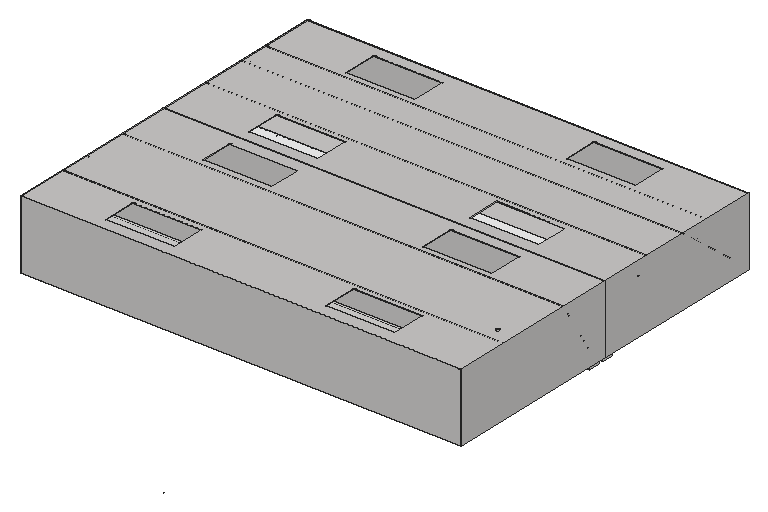
Revit family "QF_ELECTROLUXPROFESSIONAL_640042_STCF2632", category Attrezzature speciali, Revit 2021
Family settings
  Quota connettore circolare = Usa diametro
  Tipo di parte = Normale
  Basato su piano di lavoro = No
  Sempre verticale = Sì
  Taglio con vuoti quando caricato = No
  Condiviso = No
  Punto di calcolo locali = No
Parameters (values of type "Standard")
  Weight = 314.00 kg
  Watts = 480 W
  Volts = 220 V
  URL Manufacturer = "https://www.electroluxprofessional.com/"
  URL = "https://www.electroluxprofessional.com/"
  Steam Supply Size = 0 mm
  Steam Supply Minimum Pressure = 0.0 Pa
  Steam Supply Maximum Pressure = 0.0 Pa
  Steam Consumption per Hour = 0
  Refrigeration Suction Line Size = 0.0 mm
  Refrigeration Liquid Line Size = 0.0 mm
  Refrigerant Compressor Remote = yes
  Prospetto di default = 0.0 mm
  Produttore = "Electrolux Professional"
  Phase = 1
  Modello = "STCF2632"
  Length Actual = 3200.0 mm  # constant formula
  Item Number = "640042"
  Hot Water Size = 0 mm
  Height Actual = 500.0 mm  # constant formula
  HP = "0.6 HP"
  Gas Size = 0 mm
  Gas KW = 0
  Gas Input Pressure = 0 W
  Direct Waste Size = 0 mm
  Descrizione = "304 S/S ISLAND HOOD+FILT.+LAMPS 320X260"
  Depth Actual = 2600.0 mm  # constant formula
  Cycle = 50 Hz
  Condensate Return Size = 0 mm
  Compressed Air Volume = 0.0 L/s
  Compressed Air Size = 0 mm
  Compressed Air Pressure = 0.0 Pa
  Cold Water Size = 0 mm
  Accessory = yes
Reference planes
  plane 1 "Center (Front/Back)": y = 0
  plane 2: z = 0
  plane 3 "Center (Left/Right)": x = 400
  plane 4 "LEFT": x = -1200
  plane 5 "RIGHT": x = 2000
  plane 6 "BACK": y = 1300
  plane 7 "FRONT": y = -1300
  plane 8 "Base": z = 2000
  plane 9 "EIx": x = 1880
  plane 10 "Top": z = 2500
  plane 11 "BaseHood": z = 2000
  plane 12: y = -820
Forms (mm)
  Extrusion 1, solid, material "QF_Finishes_Stainless Steel"
    sketch origin (0, -820, 2500) x (0, 1, 0) y (-1, 0, 0)
      loop
        circle (0, -1880) r 10
    from 0 to 1.6
Dimensions and locks
  equal spacing: plane 6 "BACK", plane 1 "Center (Front/Back)", plane 7 "FRONT"
  plane 6 "BACK" to plane 7 "FRONT" = 2600.0 mm  (x2)
  locked: plane 9 "EIx" to plane 5 "RIGHT" at 120
  plane 11 "BaseHood" to level = 2000.0 mm
  plane 10 "Top" to plane 11 "BaseHood" = 500.0 mm
  equal spacing: plane 4 "LEFT", plane 3 "Center (Left/Right)", plane 5 "RIGHT"
  plane 4 "LEFT" to plane 5 "RIGHT" = 3200.0 mm
  plane 12 to plane 7 "FRONT" = 480.0 mm
  aligned and locked: level to plane 2
Automatic sketch dimensions
  plane 1 "Center (Front/Back)" to Extrusion 1 sketch curve = 820.0 mm
  Extrusion 1 sketch curve to plane 9 "EIx" = 0.0 mm
  radius of Extrusion 1 sketch curve = 10.0 mm
Nested families
  nested 1: "QF_ELECTROLUXPROFESSIONAL_640231" at (250, -550, 0), type "QF_ELECTROLUXPROFESSIONAL_640231"
  nested 2: "QF_ELECTROLUXPROFESSIONAL_640231" at (250, 550, 0), type "QF_ELECTROLUXPROFESSIONAL_640231"
Connectors
  piping at (1880, 60, 1970), diameter 9.5
    settings: on nested 2, index 9, connector inside diameter 609.6 mm, connector length 0.0 mm, flow factor 0, pipe flow 0.0 L/s, pressure drop 0.0 Pa, fitting loss kfactor 0, connector angle 0.00°, fixture units 0, engagement length 0.0 mm, angle of deflection 0.00°, flow configuration 1, flow direction 2, fitting loss method 0, system type 16, joint type 0, gender type 0, connector reference index -1, connector utility 0, adjustable connector no, is connector primary yes, connector description "Drain"
  piping at (1880, -60, 1970), diameter 9.5
    settings: on nested 1, index 10, connector inside diameter 609.6 mm, connector length 0.0 mm, flow factor 0, pipe flow 0.0 L/s, pressure drop 0.0 Pa, fitting loss kfactor 0, connector angle 0.00°, fixture units 0, engagement length 0.0 mm, angle of deflection 0.00°, flow configuration 1, flow direction 2, fitting loss method 0, system type 16, joint type 0, gender type 0, connector reference index -1, connector utility 0, adjustable connector no, is connector primary no, connector description "Drain"
  electrical at (1880, -820, 2501.6), driven by "Volts"
    settings: on Extrusion 1, index 11, voltage 220 V, apparent load 0 VA, apparent load phase1 0 VA, apparent load phase2 0 VA, apparent load phase3 0 VA, power factor 1, load classification "Other", number of poles 1, system type 30, power factor state 1, is connector primary yes, connector utility no, sub classification motor no, connector description "Electrical Connection"
  hvac at (-400, -1089, 2499.19)
    settings: on nested 1, index 12, duct flow 0.0 L/s, flow factor 0, pres drop 0.0 Pa, loss coef 0, conn angle 0.00°, conn width 500 mm, conn height 250 mm, conn diameter 609.6 mm, duct sys type 1, conn prof type 1, flow config 1, flow direction 1, loss method 0, conn ref index -1, conn util no, is conn primary yes, conn desc "AIR INLET"
  hvac at (1200, -1089, 2500)
    settings: on nested 1, index 13, duct flow 0.0 L/s, flow factor 0, pres drop 0.0 Pa, loss coef 0, conn angle 0.00°, conn width 500 mm, conn height 250 mm, conn diameter 609.6 mm, duct sys type 1, conn prof type 1, flow config 1, flow direction 1, loss method 0, conn ref index -1, conn util no, is conn primary no, conn desc "AIR INLET"
  hvac at (1200, 1089, 2500)
    settings: on nested 2, index 14, duct flow 0.0 L/s, flow factor 0, pres drop 0.0 Pa, loss coef 0, conn angle 0.00°, conn width 250 mm, conn height 500 mm, conn diameter 609.6 mm, duct sys type 1, conn prof type 1, flow config 1, flow direction 1, loss method 0, conn ref index -1, conn util no, is conn primary no, conn desc "AIR INLET"
  hvac at (-400, 1089, 2500)
    settings: on nested 2, index 15, duct flow 0.0 L/s, flow factor 0, pres drop 0.0 Pa, loss coef 0, conn angle 0.00°, conn width 250 mm, conn height 500 mm, conn diameter 609.6 mm, duct sys type 1, conn prof type 1, flow config 1, flow direction 1, loss method 0, conn ref index -1, conn util no, is conn primary no, conn desc "AIR INLET"
  hvac at (-400, -211, 2500)
    settings: on nested 1, index 16, duct flow 0.0 L/s, flow factor 0, pres drop 0.0 Pa, loss coef 0, conn angle 0.00°, conn width 500 mm, conn height 250 mm, conn diameter 609.6 mm, duct sys type 3, conn prof type 1, flow config 1, flow direction 2, loss method 0, conn ref index -1, conn util no, is conn primary no, conn desc "EXHAUST OUTLET"
  hvac at (-400, 211, 2500)
    settings: on nested 2, index 17, duct flow 0.0 L/s, flow factor 0, pres drop 0.0 Pa, loss coef 0, conn angle 0.00°, conn width 250 mm, conn height 500 mm, conn diameter 609.6 mm, duct sys type 3, conn prof type 1, flow config 1, flow direction 2, loss method 0, conn ref index -1, conn util no, is conn primary no, conn desc "EXHAUST OUTLET"
  hvac at (1200, -211, 2500)
    settings: on nested 1, index 18, duct flow 0.0 L/s, flow factor 0, pres drop 0.0 Pa, loss coef 0, conn angle 0.00°, conn width 500 mm, conn height 250 mm, conn diameter 609.6 mm, duct sys type 3, conn prof type 1, flow config 1, flow direction 2, loss method 0, conn ref index -1, conn util no, is conn primary no, conn desc "EXHAUST OUTLET"
  hvac at (1200, 211, 2500)
    settings: on nested 2, index 19, duct flow 0.0 L/s, flow factor 0, pres drop 0.0 Pa, loss coef 0, conn angle 0.00°, conn width 250 mm, conn height 500 mm, conn diameter 609.6 mm, duct sys type 3, conn prof type 1, flow config 1, flow direction 2, loss method 0, conn ref index -1, conn util no, is conn primary no, conn desc "EXHAUST OUTLET"
Definition of nested family "QF_ELECTROLUXPROFESSIONAL_640231"
  Parameters
    Default Elevation = 0.0 mm
  Reference planes
    plane 1: z = 0
    plane 2 "Center (Left/Right)": x = 150
    plane 3 "LEFT": x = -1450
    plane 4 "RIGHT": x = 1750
    plane 5 "BACK": y = 550
    plane 6 "TOP": z = 2500
    plane 7 "Base": z = 2000
    plane 8: z = 1955
    plane 9 "DrainY": y = 490
    plane 10: x = -1447
    plane 11 "DrainX": x = 1630
    plane 12 "AOLeft2": x = -400
    plane 13 "AORight1": x = 700
    plane 14: x = 1747
    plane 15: x = -1250
    plane 16: x = 1550
    plane 17 "Center (Front/Back)": y = -100
    plane 18 "Front": y = -750
    plane 19 "AOLeft1": x = -900
    plane 20 "AORight2": x = 1200
    plane 21: y = -664
    plane 22: y = -414
    plane 23 "EI_y": y = -270
    plane 24 "EIx": x = 1630
    plane 25: y = 464
    plane 26: y = 214
  Forms (mm)
    Extrusion 1, solid
      sketch origin (-1450, 0, 360) x (0, 1, 0) y (0, 0, 1)
        loop
          line (550, 1640) -> (550, 2140) -> (-750, 2140) -> (-750, 1640) -> (550, 1640)
      from 0 to 3
    Extrusion 2, solid
      sketch origin (1750, 0, 360) x (0, 1, 0) y (0, 0, 1)
        loop
          line (550, 1640) -> (550, 2140) -> (-750, 2140) -> (-750, 1640) -> (550, 1640)
      from 0 to -3
    Extrusion 3, solid
      sketch origin (150, 0, 360) x (0, 1, 0) y (0, 0, 1)
        loop
          line (-750, 2140) -> (-750, 1640) -> (-740, 1640) -> (-740, 1640.8) -> (-749.2, 1640.8) -> (-749.2, 2139.19) -> (549.2, 2139.19) -> (549.2, 1640.8) -> (540, 1640.8) -> (540, 1640) -> (550, 1640) -> (550, 2140) -> (-750, 2140)
      from -1600 to 1600
    Extrusion 4, solid
      sketch origin (0, 0, 2000) x (0, 1, 0) y (-1, 0, 0)
        loop
          circle (490, -1630) r 4.763
      from -30 to 0
    Extrusion 5, void
      sketch origin (0, 0, 2500) x (0, 1, 0) y (-1, 0, 0)
        loop
          line (-414, 400) -> (-414, 900) -> (-664, 900) -> (-664, 400) -> (-414, 400)
      from 0 to -10
    Extrusion 6, solid
      sketch origin (0, 0, 0) x (1, 0, 0) y (0, 1, 0)
        loop
          line (-1450, 550) -> (-1450, 549) -> (-1449, 549) -> (-1449, 550) -> (-1450, 550)
      from 0 to 1
    Extrusion 7, solid
      sketch origin (150, 0, 360) x (0, 1, 0) y (0, 0, 1)
        loop
          line (-372.823, 1962.324) -> (-218.948, 2086.929) -> (-227.129, 2097.032) -> (-381.003, 1972.426) -> (-372.823, 1962.324)
      from 1597 to -1597
    Extrusion 8, solid
      sketch origin (150, 0, 360) x (0, 1, 0) y (0, 0, 1)
        loop
          line (-750, 2139.19) -> (-750, 1640) -> (-686.602, 1640) -> (-599.146, 1690.493) -> (-610.058, 1709.394) -> (-666.564, 1676.77) -> (-714.704, 1680.982) -> (-749.2, 1730.248) -> (-749.2, 2139.19) -> (-750, 2139.19)
        loop
          line (-373.6, 1961.694) -> (-381.937, 1971.99) -> (-369.095, 1982.182) -> (-369.095, 2139.19) -> (-369.895, 2139.19) -> (-369.895, 1982.569) -> (-682.298, 1734.63) -> (-671.091, 1720.79) -> (-373.6, 1961.694)
        loop
          line (-227.61, 2099.216) -> (-218.171, 2087.559) -> (-154.411, 2139.19) -> (-155.682, 2139.19) -> (-218.052, 2088.684) -> (-226.989, 2099.719) -> (-227.61, 2099.216)
      from -1597 to 1597
    Sweep 9, solid
      path origin (0, 0, 0) x (1, 0, 0) y (0, 1, 0)
        loop
          line (1750, 550) -> (-1450, 550) -> (-1450, -750) -> (1750, -750) -> (1750, 550)
      profile origin (1750, -100, 0) x (1, 0, 0) y (0, 0, 1)
        loop
          line (-3, 2000) -> (-3, 2000.8) -> (-19, 2000.8) -> (-19, 2010) -> (-20, 2010) -> (-20, 2000) -> (-3, 2000)
    Extrusion 10, solid
      sketch origin (150, 0, 0) x (0, 1, 0) y (0, 0, 1)
        loop
          line (414.66, 2095.469) -> (440.643, 2110.471) -> (261.744, 2411.771) -> (235.948, 2396.455) -> (414.66, 2095.469)
      from -1597 to -1400
    Extrusion 11, void
      sketch origin (1134.605, 0, 2500) x (0, 1, 0) y (-1, 0, 0)
        loop
          line (-414, -65.395) -> (-414, 434.605) -> (-664, 434.605) -> (-664, -65.395) -> (-414, -65.395)
      from 0 to -10
    Extrusion 12, solid
      sketch origin (1630, 0, 0) x (0, 1, 0) y (0, 0, 1)
        loop
          line (539, 2000) -> (441, 2000) -> (441, 1989) -> (448.5, 1989) -> (448.5, 1965)
          arc (448.5, 1965) -> (451.429, 1957.929) -> (458.5, 1955) r 10
          line (458.5, 1955) -> (521.5, 1955)
          arc (521.5, 1955) -> (528.571, 1957.929) -> (531.5, 1965) r 10
          line (531.5, 1965) -> (531.5, 1989) -> (539, 1989) -> (539, 2000)
      from 90 to -90
    Extrusion 13, solid
      sketch origin (150, 0, 360) x (0, 1, 0) y (0, 0, 1)
        loop
          line (-750, 2139.19) -> (-750, 1640) -> (-686.602, 1640) -> (-599.146, 1690.493) -> (-610.058, 1709.394) -> (-666.564, 1676.77) -> (-714.704, 1680.982) -> (-749.2, 1730.248) -> (-749.2, 2139.19) -> (-750, 2139.19)
        loop
          line (-373.6, 1961.694) -> (-381.937, 1971.99) -> (-369.095, 1982.182) -> (-369.095, 2139.19) -> (-369.895, 2139.19) -> (-369.895, 1982.569) -> (-682.298, 1734.63) -> (-671.091, 1720.79) -> (-373.6, 1961.694)
        loop
          line (-227.61, 2099.216) -> (-218.171, 2087.559) -> (-154.411, 2139.19) -> (-155.682, 2139.19) -> (-218.052, 2088.684) -> (-226.989, 2099.719) -> (-227.61, 2099.216)
      from -1597 to 1597
    Extrusion 14, solid
      sketch origin (150, 0, 0) x (0, 1, 0) y (0, 0, 1)
        loop
          line (414.66, 2095.469) -> (440.643, 2110.471) -> (261.744, 2411.771) -> (235.948, 2396.455) -> (414.66, 2095.469)
      from 1400 to 1597
    Extrusion 15, solid
      sketch origin (150, 0, 0) x (0, 1, 0) y (0, 0, 1)
        loop
          line (414.66, 2095.469) -> (440.643, 2110.471) -> (261.744, 2411.771) -> (235.948, 2396.455) -> (414.66, 2095.469)
      from -1400 to 1400
    Extrusion 16, void
      sketch origin (0, 1180, 2500) x (0, 1, 0) y (-1, 0, 0)
        loop
          line (-716, 400) -> (-716, 900) -> (-966, 900) -> (-966, 400) -> (-716, 400)
      from 0 to -10
    Extrusion 17, void
      sketch origin (1600, 1180, 2500) x (0, 1, 0) y (-1, 0, 0)
        loop
          line (-716, 400) -> (-716, 900) -> (-966, 900) -> (-966, 400) -> (-716, 400)
      from 0 to -10
    Extrusion 18, solid
      sketch origin (150, 0, 360) x (0, 1, 0) y (0, 0, 1)
        loop
          line (430.005, 1640) -> (540, 1640) -> (540, 1640.8) -> (430.467, 1640.8) -> (371.906, 1742.23) -> (414.858, 1734.657) -> (442.266, 1750.481) -> (442.266, 1765.943) -> (441.466, 1765.943) -> (441.466, 1750.943) -> (414.709, 1735.495) -> (321.153, 1751.991) -> (320.875, 1750.416) -> (371.4, 1741.507) -> (430.005, 1640)
        loop
          line (172.529, 2139.19) -> (242.893, 2017.316) -> (245.133, 2018.715) -> (240.13, 2027.381) -> (238.569, 2026.405) -> (173.453, 2139.19) -> (172.529, 2139.19)
      from -1597 to 1597
  Cuts and joins
    Extrusion 5, Extrusion 11, Extrusion 16, Extrusion 17 cuts Extrusion 3
    joined: Extrusion 2, Extrusion 3, Sweep 9
  Lines and regions (mm)
    symbolic lines, detail levels coarse
      curve 1: line (1750, 550, 2500) -> (-1450, 550, 2500)
      curve 2: line (-1450, 550, 2500) -> (-1450, -750, 2500)
      curve 3: line (1750, -750, 2500) -> (1750, 550, 2500)
      curve 4: line (-1450, 550, 0) -> (1750, -750, 0)
      curve 5: line (1750, 550, 0) -> (-1450, -750, 0)
      curve 6: line (-1450, -750, 0) -> (1750, -750, 0)
      curve 7: line (-400, -414, 0) -> (-900, -414, 0)
      curve 8: line (-400, -664, 0) -> (-400, -414, 0)
      curve 9: line (-900, -664, 0) -> (-400, -664, 0)
      curve 10: line (-900, -414, 0) -> (-900, -664, 0)
      curve 11: line (700, -414, 0) -> (700, -664, 0)
      curve 12: line (1200, -414, 0) -> (700, -414, 0)
      curve 13: line (1200, -664, 0) -> (1200, -414, 0)
      curve 14: line (700, -664, 0) -> (1200, -664, 0)
      curve 15: line (-900, 214, 2500) -> (-400, 214, 2500)
      curve 16: line (-900, 464, 2500) -> (-900, 214, 2500)
      curve 17: line (-400, 464, 2500) -> (-900, 464, 2500)
      curve 18: line (-400, 214, 2500) -> (-400, 464, 2500)
      curve 19: line (700, 464, 2500) -> (700, 214, 2500)
      curve 20: line (1200, 464, 2500) -> (700, 464, 2500)
      curve 21: line (700, 214, 2500) -> (1200, 214, 2500)
      curve 22: line (1200, 214, 2500) -> (1200, 464, 2500)
  Dimensions and locks
    plane 3 "LEFT" to plane 4 "RIGHT" = 3200.0 mm
    equal spacing: plane 3 "LEFT", plane 2 "Center (Left/Right)", plane 4 "RIGHT"
    plane 7 "Base" to plane 8 = 45.0 mm
    plane 5 "BACK" to plane 9 "DrainY" = 60.0 mm  (x2)
    plane 3 "LEFT" to plane 10 = 3.0 mm
    plane 11 "DrainX" to plane 4 "RIGHT" = 120.0 mm
    plane 14 to plane 4 "RIGHT" = 3.0 mm
    plane 3 "LEFT" to plane 15 = 200.0 mm
    plane 16 to plane 4 "RIGHT" = 200.0 mm
    locked: plane 12 "AOLeft2" to plane 13 "AORight1" at 1100
    equal spacing: plane 12 "AOLeft2", plane 2 "Center (Left/Right)", plane 13 "AORight1"
    locked: plane 7 "Base" to level at 2000
    locked: plane 6 "TOP" to plane 7 "Base" at 500
    locked: plane 5 "BACK" to plane 18 "Front" at 1300
    equal spacing: plane 5 "BACK", plane 17 "Center (Front/Back)", plane 18 "Front"
    locked: plane 19 "AOLeft1" to plane 12 "AOLeft2" at 500
    locked: plane 13 "AORight1" to plane 20 "AORight2" at 500
    locked: plane 22 to plane 21 at 250
    plane 21 to plane 18 "Front" = 86.0 mm
    locked: plane 23 "EI_y" to plane 18 "Front" at 480
    locked: plane 24 "EIx" to plane 4 "RIGHT" at 120
    plane 5 "BACK" to plane 18 "Front" = 1300.0 mm
    locked: plane 26 to plane 25 at 250
    plane 5 "BACK" to plane 25 = 86.0 mm
    aligned and locked: level to plane 1
    aligned and locked: plane 4 "RIGHT" to Extrusion 3
    aligned and locked: Extrusion 3 to plane 3 "LEFT"
    aligned and locked: Extrusion 2 to plane 14
    aligned and locked: Extrusion 10 to plane 10
    aligned and locked: Extrusion 8 to plane 10
    aligned and locked: plane 14 to Extrusion 8
    aligned and locked: Extrusion 5 to plane 19 "AOLeft1"
    aligned and locked: Extrusion 5 to plane 12 "AOLeft2"
    aligned and locked: plane 20 "AORight2" to Extrusion 11
    aligned and locked: plane 13 "AORight1" to Extrusion 11
    aligned and locked: plane 15 to Extrusion 10
    aligned and locked: plane 16 to Extrusion 14
    aligned and locked: plane 14 to Extrusion 14
    aligned and locked: Extrusion 15 to plane 15
    aligned and locked: Extrusion 15 to plane 16
    aligned and locked: plane 14 to Extrusion 7
    aligned and locked: Extrusion 7 to plane 10
    aligned and locked: plane 13 "AORight1" to Extrusion 17
    aligned and locked: plane 20 "AORight2" to Extrusion 17
    aligned and locked: Extrusion 16 to plane 19 "AOLeft1"
    aligned and locked: Extrusion 16 to plane 12 "AOLeft2"
    aligned and locked: Extrusion 18 to plane 10
    aligned and locked: plane 14 to Extrusion 18
    aligned and locked: plane 14 to Extrusion 13
    aligned and locked: Extrusion 13 to plane 10
    aligned and locked: plane 22 to cut or joined group of Extrusion 2, Extrusion 3, Extrusion 5, Sweep 9, Extrusion 11, Extrusion 16, Extrusion 17  (x2)
    aligned and locked: plane 22 to curve 7
    aligned and locked: cut or joined group of Extrusion 2, Extrusion 3, Extrusion 5, Sweep 9, Extrusion 11, Extrusion 16, Extrusion 17 to plane 21  (x2)
    aligned and locked: curve 9 to plane 21
    aligned and locked: plane 22 to curve 12
    aligned and locked: curve 14 to plane 21
    aligned and locked: cut or joined group of Extrusion 2, Extrusion 3, Extrusion 5, Sweep 9, Extrusion 11, Extrusion 16, Extrusion 17 to plane 25  (x2)
    aligned and locked: curve 17 to plane 25
    aligned and locked: curve 20 to plane 25
    aligned and locked: plane 26 to cut or joined group of Extrusion 2, Extrusion 3, Extrusion 5, Sweep 9, Extrusion 11, Extrusion 16, Extrusion 17  (x2)
    aligned and locked: plane 26 to curve 21
    aligned and locked: plane 26 to curve 15
  Automatic sketch dimensions
    Extrusion 4 sketch curve to plane 9 "DrainY" = 0.0 mm
    Extrusion 4 sketch curve to plane 11 "DrainX" = 0.0 mm
    Extrusion 10 sketch curve to plane 9 "DrainY" = 75.34 mm
    Extrusion 10 sketch curve to Extrusion 10 sketch curve = 25.983 mm
    plane 7 "Base" to Extrusion 10 sketch curve = 95.469 mm
    Extrusion 10 sketch curve to Extrusion 10 sketch curve = 15.001 mm
    Extrusion 10 sketch curve to plane 6 "TOP" = 103.545 mm
    Extrusion 10 sketch curve to Extrusion 10 sketch curve = 15.316 mm
    Extrusion 14 sketch curve to plane 9 "DrainY" = 75.34 mm
    Extrusion 14 sketch curve to Extrusion 14 sketch curve = 25.983 mm
    plane 7 "Base" to Extrusion 14 sketch curve = 95.469 mm
    Extrusion 14 sketch curve to Extrusion 14 sketch curve = 15.001 mm
    Extrusion 14 sketch curve to plane 6 "TOP" = 103.545 mm
    Extrusion 14 sketch curve to Extrusion 14 sketch curve = 15.316 mm
    Extrusion 15 sketch curve to plane 9 "DrainY" = 75.34 mm
    Extrusion 15 sketch curve to Extrusion 15 sketch curve = 25.983 mm
    plane 7 "Base" to Extrusion 15 sketch curve = 95.469 mm
    Extrusion 15 sketch curve to Extrusion 15 sketch curve = 15.001 mm
    Extrusion 15 sketch curve to plane 6 "TOP" = 103.545 mm
    Extrusion 15 sketch curve to Extrusion 15 sketch curve = 15.316 mm
    Extrusion 18 sketch curve to plane 7 "Base" = 0.0 mm
    Extrusion 18 sketch curve to plane 9 "DrainY" = 47.734 mm
    Extrusion 18 sketch curve to Extrusion 18 sketch curve = 0.8 mm
    plane 9 "DrainY" to Extrusion 18 sketch curve = 50.0 mm
    plane 7 "Base" to Extrusion 18 sketch curve = 0.8 mm
    Extrusion 18 sketch curve to Extrusion 18 sketch curve = 109.533 mm
    Extrusion 18 sketch curve to Extrusion 18 sketch curve = 0.462 mm  (x2)
    Extrusion 18 sketch curve to Extrusion 18 sketch curve = 26.608 mm
    Extrusion 18 sketch curve to Extrusion 18 sketch curve = 0.148 mm
    Extrusion 18 sketch curve to Extrusion 18 sketch curve = 42.803 mm
    Extrusion 18 sketch curve to Extrusion 18 sketch curve = 0.506 mm
    Extrusion 18 sketch curve to Extrusion 18 sketch curve = 50.247 mm
    Extrusion 18 sketch curve to Extrusion 18 sketch curve = 0.278 mm
    Extrusion 18 sketch curve to Extrusion 18 sketch curve = 2.24 mm
    Extrusion 18 sketch curve to plane 6 "TOP" = 0.81 mm
    Extrusion 18 sketch curve to Extrusion 18 sketch curve = 0.924 mm
    plane 7 "Base" to Extrusion 18 sketch curve = 94.657 mm
    Extrusion 18 sketch curve to Extrusion 18 sketch curve = 0.838 mm
    Extrusion 18 sketch curve to Extrusion 18 sketch curve = 6.012 mm
    Extrusion 18 sketch curve to Extrusion 18 sketch curve = 0.723 mm
    Extrusion 18 sketch curve to Extrusion 18 sketch curve = 14.986 mm
    Extrusion 18 sketch curve to Extrusion 18 sketch curve = 15.0 mm
    Extrusion 18 sketch curve to plane 6 "TOP" = 122.684 mm
    Extrusion 18 sketch curve to Extrusion 18 sketch curve = 1.399 mm
    Extrusion 18 sketch curve to Extrusion 18 sketch curve = 9.089 mm
    Extrusion 18 sketch curve to Extrusion 18 sketch curve = 0.975 mm
    Extrusion 10 sketch curve to plane 9 "DrainY" = 228.256 mm
    Extrusion 10 sketch curve to Extrusion 10 sketch curve = 25.795 mm
    Extrusion 14 sketch curve to plane 9 "DrainY" = 228.256 mm
    Extrusion 14 sketch curve to Extrusion 14 sketch curve = 25.795 mm
    Extrusion 15 sketch curve to plane 9 "DrainY" = 228.256 mm
    Extrusion 15 sketch curve to Extrusion 15 sketch curve = 25.795 mm
    Extrusion 18 sketch curve to plane 9 "DrainY" = 244.867 mm
    Extrusion 18 sketch curve to Extrusion 18 sketch curve = 5.003 mm
    Extrusion 18 sketch curve to Extrusion 18 sketch curve = 1.561 mm
    Extrusion 18 sketch curve to Extrusion 18 sketch curve = 66.677 mm
    curve 6 to plane 3 "LEFT" = 0.0 mm
    curve 4 to plane 3 "LEFT" = 0.0 mm
    curve 10 to plane 19 "AOLeft1" = 0.0 mm
    curve 8 to plane 12 "AOLeft2" = 0.0 mm
    curve 14 to plane 13 "AORight1" = 0.0 mm
    curve 14 to plane 20 "AORight2" = 0.0 mm
    curve 5 to plane 4 "RIGHT" = 0.0 mm
    curve 6 to plane 4 "RIGHT" = 0.0 mm
    curve 4 to plane 18 "Front" = 0.0 mm
    curve 4 to plane 5 "BACK" = 0.0 mm
    curve 5 to plane 5 "BACK" = 0.0 mm
    curve 2 to plane 3 "LEFT" = 0.0 mm
    curve 2 to plane 18 "Front" = 0.0 mm
    curve 3 to plane 4 "RIGHT" = 0.0 mm
    curve 3 to plane 18 "Front" = 0.0 mm
    curve 21 to plane 20 "AORight2" = 0.0 mm
    curve 19 to plane 13 "AORight1" = 0.0 mm
    curve 15 to plane 19 "AOLeft1" = 0.0 mm
    curve 15 to plane 12 "AOLeft2" = 0.0 mm
    curve 2 to plane 5 "BACK" = 0.0 mm
    Extrusion 1 sketch curve to plane 7 "Base" = 0.0 mm
    Extrusion 1 sketch curve to plane 18 "Front" = 0.0 mm
    Extrusion 1 sketch curve to plane 5 "BACK" = 0.0 mm
    Extrusion 1 sketch curve to plane 6 "TOP" = 0.0 mm
    Extrusion 2 sketch curve to plane 7 "Base" = 0.0 mm
    Extrusion 2 sketch curve to plane 18 "Front" = 0.0 mm
    Extrusion 2 sketch curve to plane 5 "BACK" = 0.0 mm
    Extrusion 2 sketch curve to plane 6 "TOP" = 0.0 mm
    Extrusion 3 sketch curve to plane 6 "TOP" = 0.0 mm
    Extrusion 3 sketch curve to plane 18 "Front" = 0.0 mm
    Extrusion 3 sketch curve to plane 7 "Base" = 0.0 mm  (x2)
    Extrusion 3 sketch curve to plane 5 "BACK" = 0.0 mm
    plane 18 "Front" to Extrusion 3 sketch curve = 0.8 mm
    Extrusion 3 sketch curve to Extrusion 3 sketch curve = 9.2 mm
    plane 7 "Base" to Extrusion 3 sketch curve = 0.8 mm  (x2)
    Extrusion 3 sketch curve to plane 5 "BACK" = 10.0 mm
    Extrusion 3 sketch curve to plane 5 "BACK" = 0.8 mm
    Extrusion 3 sketch curve to plane 6 "TOP" = 0.81 mm
    Extrusion 5 sketch curve to plane 12 "AOLeft2" = 0.0 mm
    Extrusion 5 sketch curve to plane 21 = 0.0 mm
    Extrusion 5 sketch curve to plane 22 = 0.0 mm
    Extrusion 5 sketch curve to plane 19 "AOLeft1" = 0.0 mm
    Extrusion 6 sketch curve to plane 3 "LEFT" = 0.0 mm
    Extrusion 6 sketch curve to plane 5 "BACK" = 0.0 mm
    plane 3 "LEFT" to Extrusion 6 sketch curve = 1.0 mm
    Extrusion 6 sketch curve to Extrusion 6 sketch curve = 1.0 mm
    plane 22 to Extrusion 7 sketch curve = 32.997 mm
    Extrusion 7 sketch curve to Extrusion 7 sketch curve = 8.181 mm  (x2)
    plane 23 "EI_y" to Extrusion 7 sketch curve = 42.871 mm
    Extrusion 7 sketch curve to plane 6 "TOP" = 177.676 mm
    Extrusion 7 sketch curve to Extrusion 7 sketch curve = 10.102 mm
    Extrusion 7 sketch curve to plane 6 "TOP" = 53.071 mm
    Extrusion 7 sketch curve to Extrusion 7 sketch curve = 10.103 mm
    Extrusion 8 sketch curve to plane 7 "Base" = 0.0 mm
    Extrusion 8 sketch curve to plane 18 "Front" = 0.0 mm
    Extrusion 8 sketch curve to Extrusion 8 sketch curve = 0.8 mm  (x2)
    plane 18 "Front" to Extrusion 8 sketch curve = 35.296 mm
    Extrusion 8 sketch curve to plane 21 = 22.602 mm
    Extrusion 8 sketch curve to plane 21 = 18.298 mm
    Extrusion 8 sketch curve to plane 21 = 7.091 mm
    Extrusion 8 sketch curve to plane 21 = 2.564 mm
    plane 21 to Extrusion 8 sketch curve = 53.942 mm
    Extrusion 8 sketch curve to Extrusion 8 sketch curve = 10.912 mm
    plane 22 to Extrusion 8 sketch curve = 32.063 mm
    Extrusion 8 sketch curve to Extrusion 8 sketch curve = 8.337 mm
    Extrusion 8 sketch curve to Extrusion 8 sketch curve = 12.042 mm
    plane 23 "EI_y" to Extrusion 8 sketch curve = 42.39 mm
    Extrusion 8 sketch curve to Extrusion 8 sketch curve = 0.622 mm
    Extrusion 8 sketch curve to Extrusion 8 sketch curve = 9.44 mm
    Extrusion 8 sketch curve to Extrusion 8 sketch curve = 0.118 mm
    Extrusion 8 sketch curve to plane 6 "TOP" = 0.81 mm  (x3)
    Extrusion 8 sketch curve to plane 17 "Center (Front/Back)" = 55.682 mm
    Extrusion 8 sketch curve to Extrusion 8 sketch curve = 1.271 mm
    plane 7 "Base" to Extrusion 8 sketch curve = 36.77 mm
    plane 7 "Base" to Extrusion 8 sketch curve = 40.982 mm
    plane 7 "Base" to Extrusion 8 sketch curve = 50.493 mm
    Extrusion 8 sketch curve to Extrusion 8 sketch curve = 18.901 mm
    Extrusion 8 sketch curve to Extrusion 8 sketch curve = 44.02 mm
    Extrusion 8 sketch curve to Extrusion 8 sketch curve = 49.266 mm
    Extrusion 8 sketch curve to Extrusion 8 sketch curve = 13.84 mm
    Extrusion 8 sketch curve to plane 6 "TOP" = 178.306 mm
    Extrusion 8 sketch curve to Extrusion 8 sketch curve = 10.296 mm
    Extrusion 8 sketch curve to Extrusion 8 sketch curve = 10.192 mm
    Extrusion 8 sketch curve to Extrusion 8 sketch curve = 0.386 mm
    Extrusion 8 sketch curve to plane 6 "TOP" = 52.441 mm
    Extrusion 8 sketch curve to Extrusion 8 sketch curve = 1.125 mm
    Sweep 9 sketch curve to plane 3 "LEFT" = 0.0 mm
    Sweep 9 sketch curve to plane 4 "RIGHT" = 0.0 mm
    Sweep 9 sketch curve to plane 18 "Front" = 0.0 mm
    Sweep 9 sketch curve to plane 5 "BACK" = 0.0 mm
    profile plane to Sweep 9 sketch curve = 20.0 mm
    Sweep 9 sketch curve to Sweep 9 sketch curve = 1.0 mm
    profile plane to Sweep 9 sketch curve = 3.0 mm
    level to Sweep 9 sketch curve = 2000.0 mm
    Sweep 9 sketch curve to Sweep 9 sketch curve = 0.8 mm
    Sweep 9 sketch curve to Sweep 9 sketch curve = 9.2 mm
    Extrusion 11 sketch curve to plane 20 "AORight2" = 0.0 mm
    Extrusion 11 sketch curve to plane 21 = 0.0 mm
    Extrusion 11 sketch curve to plane 22 = 0.0 mm
    Extrusion 11 sketch curve to plane 13 "AORight1" = 0.0 mm
    Extrusion 12 sketch curve to plane 7 "Base" = 0.0 mm
    Extrusion 12 sketch curve to plane 8 = 0.0 mm
    Extrusion 12 sketch curve to plane 7 "Base" = 11.0 mm  (x2)
    plane 25 to Extrusion 12 sketch curve = 23.0 mm
    Extrusion 12 sketch curve to Extrusion 12 sketch curve = 7.5 mm  (x2)
    plane 25 to Extrusion 12 sketch curve = 5.5 mm
    Extrusion 12 sketch curve to plane 5 "BACK" = 28.5 mm
    Extrusion 12 sketch curve to plane 5 "BACK" = 18.5 mm
    Extrusion 13 sketch curve to plane 7 "Base" = 0.0 mm
    Extrusion 13 sketch curve to plane 18 "Front" = 0.0 mm
    Extrusion 13 sketch curve to Extrusion 13 sketch curve = 0.8 mm  (x2)
    plane 18 "Front" to Extrusion 13 sketch curve = 35.296 mm
    Extrusion 13 sketch curve to plane 21 = 22.602 mm
    Extrusion 13 sketch curve to plane 21 = 18.298 mm
    Extrusion 13 sketch curve to plane 21 = 7.091 mm
    Extrusion 13 sketch curve to plane 21 = 2.564 mm
    plane 21 to Extrusion 13 sketch curve = 53.942 mm
    Extrusion 13 sketch curve to Extrusion 13 sketch curve = 10.912 mm
    plane 22 to Extrusion 13 sketch curve = 32.063 mm
    Extrusion 13 sketch curve to Extrusion 13 sketch curve = 8.337 mm
    Extrusion 13 sketch curve to Extrusion 13 sketch curve = 12.042 mm
    plane 23 "EI_y" to Extrusion 13 sketch curve = 42.39 mm
    Extrusion 13 sketch curve to Extrusion 13 sketch curve = 0.622 mm
    Extrusion 13 sketch curve to Extrusion 13 sketch curve = 9.44 mm
    Extrusion 13 sketch curve to Extrusion 13 sketch curve = 0.118 mm
    Extrusion 13 sketch curve to plane 6 "TOP" = 0.81 mm  (x3)
    Extrusion 13 sketch curve to plane 17 "Center (Front/Back)" = 55.682 mm
    Extrusion 13 sketch curve to Extrusion 13 sketch curve = 1.271 mm
    plane 7 "Base" to Extrusion 13 sketch curve = 36.77 mm
    plane 7 "Base" to Extrusion 13 sketch curve = 40.982 mm
    plane 7 "Base" to Extrusion 13 sketch curve = 50.493 mm
    Extrusion 13 sketch curve to Extrusion 13 sketch curve = 18.901 mm
    Extrusion 13 sketch curve to Extrusion 13 sketch curve = 44.02 mm
    Extrusion 13 sketch curve to Extrusion 13 sketch curve = 49.266 mm
    Extrusion 13 sketch curve to Extrusion 13 sketch curve = 13.84 mm
    Extrusion 13 sketch curve to plane 6 "TOP" = 178.306 mm
    Extrusion 13 sketch curve to Extrusion 13 sketch curve = 10.296 mm
    Extrusion 13 sketch curve to Extrusion 13 sketch curve = 10.192 mm
    Extrusion 13 sketch curve to Extrusion 13 sketch curve = 0.386 mm
    Extrusion 13 sketch curve to plane 6 "TOP" = 52.441 mm
    Extrusion 13 sketch curve to Extrusion 13 sketch curve = 1.125 mm
    Extrusion 16 sketch curve to plane 12 "AOLeft2" = 0.0 mm
    Extrusion 16 sketch curve to plane 19 "AOLeft1" = 0.0 mm
    Extrusion 16 sketch curve to plane 9 "DrainY" = 26.0 mm
    Extrusion 16 sketch curve to plane 26 = 0.0 mm
    Extrusion 17 sketch curve to plane 20 "AORight2" = 0.0 mm
    Extrusion 17 sketch curve to plane 13 "AORight1" = 0.0 mm
    Extrusion 17 sketch curve to plane 9 "DrainY" = 26.0 mm
    Extrusion 17 sketch curve to plane 26 = 0.0 mm
    radius of Extrusion 4 sketch curve = 4.763 mm
